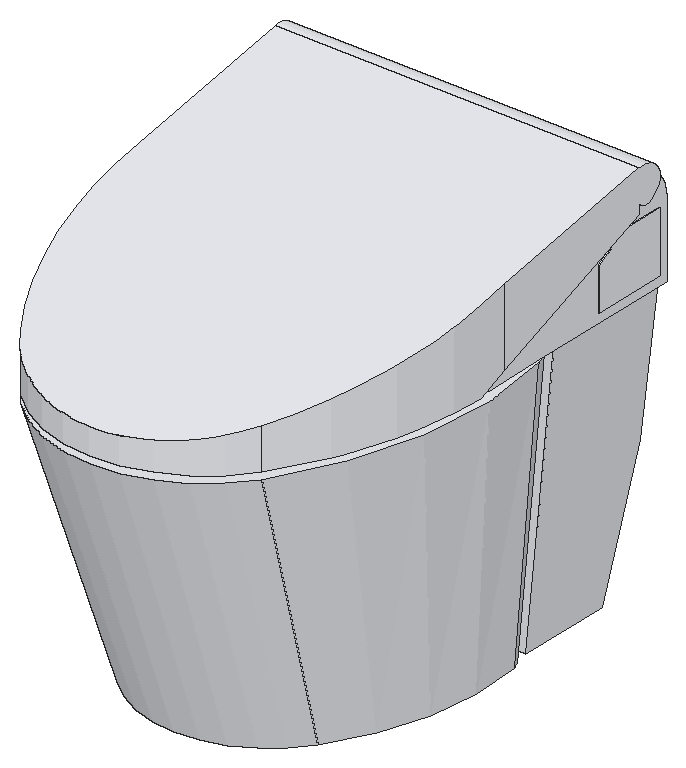
Revit family "Toilet-Elongated_Contemporary_Neorest", category Plumbing Fixtures, host Face, Revit 2013
Parameters (values of type "MS980CMG")
  ecoScorecard_data = "http://products.ecoscorecard.com/toto/MS980CMG"
  ecoScorecard Product Page = "http://products.ecoscorecard.com/toto/MS980CMG?action=html"
  Width = 15 5/16"  # constant formula
  WaterSense = no
  Waste Connection Wall Offset = 12"
  Waste Connection Radius = 2"
  Waste Connection NPT Radius = 1 7/32"  # constant formula
  Waste Connection = yes
  Warranty URL = "http://www.totousa.com/Support/WarrantyInformation.aspx"
  Warranty = "Three year Limited (Residential), One Year Limited (Commercial)"  # constant formula
  WFU = 0
  Voltage = 120 V
  Vent Connection = yes
  URL = "http://www.totousa.com"
  Toto BIM Number = "BM-00298"  # constant formula
  Supply Connection Offset from Center = 5 63/64"
  Supply Connection Height Offset = 5 63/64"
  Subcategory = "Toilets"  # constant formula
  Style = "Contemporary"  # constant formula
  Spec Sheet URL = "http://www.totousa.com/Portals/0/ProductDownloads/SS-00163_MS980CMG.pdf"
  Shipping Weight = 112.00 lbf
  Series = "Neorest"  # constant formula
  Seat Material = "Plastic"  # constant formula
  Seat Finish = Plastic - TOTO - 01 Cotton
  SanoGloss Available = yes
  Rough in Distance = 12"  # constant formula
  Rough in Availability = "12”"  # constant formula
  Product Page URL = "http://www.totousa.com/ProductDetail.aspx?ProductID=411"
  Parts Manual URL = "http://www.totousa.com/Portals/0/ProductDownloads/PD-00186_MS980CMG.pdf"
  Owners Manual URL = "http://www.totousa.com/Portals/0/ProductDownloads/0GU9169_NEOREST_550_EN_OM.pdf"
  Number of Poles = 1
  Mount Type = "Floor-Mounted"  # constant formula
  Model = "MS980CMG"  # constant formula
  Manufacturer Phone - Toll Free = "1-888-295-8134"  # constant formula
  Manufacturer Phone = "(770) 282-8686 "  # constant formula
  Manufacturer Fax = "(770) 282-0002"  # constant formula
  Manufacturer Email = "mailto:custservice@totousa.com "
  Manufacturer Address = "1155 Southern Road, Morrow, Georgia 30260"  # constant formula
  Manufacturer = "TOTO USA, Inc."  # constant formula
  Lid [instance] = yes
  Length = 26 1/2"  # constant formula
  Installation URL = "http://www.totousa.com/Portals/0/ProductDownloads/H06939R_NEOREST_550_BOWL_UNIT_ENGLISH_IM.pdf"
  Industry Standards = "Meets and exceeds ASME A112.19.2/CSA B45.1"  # constant formula
  Height = 21 3/8"  # constant formula
  HWFU = 0
  HW Connection = no
  Gallons Per Flush = 1.6 gal
  Frequency = 60 Hz
  Flush System = "Cyclone Siphon Jet"  # constant formula
  Finish = Vitreous China - TOTO - 01 Cotton
  Dual Gallons Per Flush = "1.6 Gallons / 0.9 Gallons"  # constant formula
  Dual Flush = yes
  Description = "Neorest® 550 Dual Flush Toilet, 1.6 GPF with SanaGloss®"  # constant formula
  Default Elevation = 0"
  Cost Info = "mailto:custservice@totousa.com "
  Color Availability = "#01 Cotton, #03 Bone, #12 Sedona Beige"  # constant formula
  Cold Water Connection NPT Radius = 3/16"  # constant formula
  Code Compliance = "UPC, IPC, NSPC, NPC Canada, and others"  # constant formula
  Certifications = "IAPMO (cUPC), State of Massachusetts, City of Los Angeles, and others"  # constant formula
  CWFU = 0
  CW Connection = yes
  CAD Drawing URL = "http://www.totousa.com/Portals/0/ProductDownloads/AD-00171_MS980CMG.dxf"
  Bowl Material = "Vitreous China"  # constant formula
  Assembly Code = "D2010110"
  Apparent Power = 1281 W
  ADA Compliant = yes
  95 CSI = "15410-800 "  # constant formula
  04 CSI = "22 42 13"  # constant formula
Reference planes (in)
  plane 1 "Center (Front/Back)": y = 0.25
  plane 2: z = 0
  plane 3 "Center (Left/Right)": x = 0
  plane 4: z = 14.76166
  plane 5: z = 10.18291
  plane 6: x = -7.54687
  plane 7: x = 7.625
  plane 8: y = -11.875
  plane 9: y = 12.375
  plane 10: y = 7.46388
  plane 11: z = 21.89374
Forms (in)
  Blend 1, solid, material "Vitreous China - TOTO - 01 Cotton" <- "Finish"
    base sketch origin (-60, -180.25, 16.14173) x (-1, 0, 0) y (0, -1, 0)
      loop
        arc (-52.77013, -187.72099) -> (-51.51743, -187.28007) -> (-50.81707, -186.15173) r 2
        arc (-50.81707, -186.15173) -> (-50.69768, -178.4162) -> (-53.62356, -171.25436) r 19.31454
        arc (-53.62356, -171.25436) -> (-60.00488, -167.84527) -> (-66.38619, -171.25436) r 7.67697
        arc (-66.38619, -171.25436) -> (-69.30976, -178.41826) -> (-69.18158, -186.15468) r 19.28147
        arc (-69.18158, -186.15468) -> (-68.48069, -187.28102) -> (-67.22917, -187.72099) r 2
        line (-67.22917, -187.72099) -> (-52.77013, -187.72099)
    top sketch origin (-60, -180.25, 16.14173) x (-1, 0, 0) y (0, -1, 0)
      loop
        line (-65.78214, -187.71033) -> (-54.22761, -187.71033)
        arc (-54.22761, -187.71033) -> (-53.10958, -187.36864) -> (-52.37356, -186.46033) r 2
        arc (-52.37356, -186.46033) -> (-52.59861, -181.16342) -> (-54.69802, -176.29511) r 14.61871
        arc (-54.69802, -176.29511) -> (-60.01245, -173.45598) -> (-65.32688, -176.29511) r 6.39347
        arc (-65.32688, -176.29511) -> (-67.42243, -181.16397) -> (-67.63619, -186.46033) r 14.55999
        arc (-67.63619, -186.46033) -> (-66.90017, -187.36864) -> (-65.78214, -187.71033) r 2
    from -0.95423 to -16.14173
  Extrusion 2, solid, material "Vitreous China - TOTO - 01 Cotton" <- "Finish"
    sketch origin (0, 0, 0) x (0, 1, 0) y (0, 0, 1)
      loop
        line (7.46033, 0) -> (12.46033, 0)
        arc (12.46033, 0) -> (14.1063, 7.53786) -> (14.33287, 15.25) r 41.62666
        line (14.33287, 15.25) -> (7.46033, 15.25) -> (7.46033, 0)
    from -9.16753 to 9.0951
  Extrusion 3, void
    sketch origin (60, 14.74019, 48) x (1, 0, 0) y (0, 0, 1)
      loop
        line (-52.7593, -48) -> (-50.9049, -48) -> (-50.9049, -28.69541) -> (-52.7593, -48)
    from 0 to 7.27494
  Extrusion 4, void
    sketch origin (-60, 14.74019, 48) x (-1, 0, 0) y (0, 0, -1)
      loop
        line (-52.7593, 48) -> (-50.08247, 20.13378) -> (-50.08247, 48) -> (-52.7593, 48)
    from 0 to 7.27494
  Extrusion 5, solid, material "Vitreous China - TOTO - 01 Cotton" <- "Finish"
    sketch origin (0, 0, 0) x (0, 1, 0) y (0, 0, 1)
      loop
        line (14.49938, 15.1875) -> (14.49938, 19.25555)
        arc (14.49938, 19.25555) -> (14.22817, 20.20138) -> (13.49696, 20.85976) r 1.78485
        arc (13.49696, 20.85976) -> (13.45127, 20.88117) -> (13.413, 20.84827) r 0.04645
        arc (13.413, 20.84827) -> (13.0816, 20.25798) -> (12.52636, 19.87069) r 1.51657
        line (12.52636, 19.87069) -> (2.71563, 15.9069)
        arc (2.71563, 15.9069) -> (2.54007, 15.76473) -> (2.47401, 15.54868) r 0.38635
        line (2.47401, 15.54868) -> (2.47401, 15.5057)
        arc (2.47401, 15.5057) -> (2.56721, 15.2807) -> (2.79221, 15.1875) r 0.3182
        line (2.79221, 15.1875) -> (14.49938, 15.1875)
    from -8.67176 to 9.06725
  Extrusion 6, solid, material "Vitreous China - TOTO - 01 Cotton" <- "Finish"
    sketch origin (0, 0, 0) x (0, 1, 0) y (0, 0, 1)
      loop
        arc (13.23596, 21.41666) -> (12.68935, 21.82278) -> (12.00901, 21.85203) r 1.1596
        arc (12.00901, 21.85203) -> (11.65221, 20.66246) -> (12.655, 19.92979) r 1.07535
        arc (12.655, 19.92979) -> (13.02533, 20.19919) -> (13.29836, 20.56685) r 1.51657
        arc (13.29836, 20.56685) -> (13.38946, 21.00073) -> (13.23596, 21.41666) r 0.80144
    from -9.66753 to 9.5951
  Extrusion 7, solid, material "Vitreous China - TOTO - 01 Cotton" <- "Finish"
    sketch origin (-60, -180, 16.14173) x (-1, 0, 0) y (0, -1, 0)
      loop
        spline (-54.00766, -173.83573) -> (-53.9212, -173.73359) -> (-53.87971, -173.58259) -> (-53.88604, -173.39302) -> (-53.93974, -173.17779) -> (-54.03716, -172.95157) -> (-54.17166, -172.72979) -> (-54.33407, -172.52755) -> (-54.51332, -172.35864) -> (-54.6972, -172.23456) -> (-54.87318, -172.16378) -> (-55.02926, -172.15111) -> (-55.15481, -172.19743)
        spline (-55.15481, -172.19743) -> (-55.24127, -172.29956) -> (-55.28275, -172.45056) -> (-55.27643, -172.64014) -> (-55.22273, -172.85537) -> (-55.12531, -173.08158) -> (-54.99081, -173.30337) -> (-54.8284, -173.50561) -> (-54.64915, -173.67452) -> (-54.46527, -173.79859) -> (-54.28929, -173.86938) -> (-54.13321, -173.88204) -> (-54.00766, -173.83573)
      loop
        spline (-65.99234, -173.83573) -> (-65.86679, -173.88204) -> (-65.71071, -173.86938) -> (-65.53473, -173.79859) -> (-65.35085, -173.67452) -> (-65.1716, -173.50561) -> (-65.00919, -173.30337) -> (-64.87469, -173.08158) -> (-64.77727, -172.85537) -> (-64.72357, -172.64014) -> (-64.71725, -172.45056) -> (-64.75873, -172.29956) -> (-64.84519, -172.19743)
        spline (-64.84519, -172.19743) -> (-64.97074, -172.15111) -> (-65.12682, -172.16378) -> (-65.3028, -172.23456) -> (-65.48668, -172.35864) -> (-65.66593, -172.52755) -> (-65.82834, -172.72979) -> (-65.96284, -172.95157) -> (-66.06026, -173.17779) -> (-66.11396, -173.39302) -> (-66.12029, -173.58259) -> (-66.0788, -173.73359) -> (-65.99234, -173.83573)
      loop
        spline (-52.60889, -180.00568) -> (-52.76908, -180.03605) -> (-52.91836, -180.1251) -> (-53.04654, -180.26674) -> (-53.14491, -180.45133) -> (-53.20674, -180.6663) -> (-53.22783, -180.89698) -> (-53.20674, -181.12767) -> (-53.14491, -181.34264) -> (-53.04654, -181.52723) -> (-52.91836, -181.66887) -> (-52.76908, -181.75792) -> (-52.60889, -181.78829)
        spline (-52.60889, -181.78829) -> (-52.4487, -181.75792) -> (-52.29942, -181.66887) -> (-52.17124, -181.52723) -> (-52.07288, -181.34264) -> (-52.01105, -181.12767) -> (-51.98996, -180.89698) -> (-52.01105, -180.6663) -> (-52.07288, -180.45133) -> (-52.17124, -180.26674) -> (-52.29942, -180.1251) -> (-52.4487, -180.03605) -> (-52.60889, -180.00568)
      loop
        spline (-67.39111, -180.00568) -> (-67.5513, -180.03605) -> (-67.70058, -180.1251) -> (-67.82876, -180.26674) -> (-67.92712, -180.45133) -> (-67.98895, -180.6663) -> (-68.01004, -180.89698) -> (-67.98895, -181.12767) -> (-67.92712, -181.34264) -> (-67.82876, -181.52723) -> (-67.70058, -181.66887) -> (-67.5513, -181.75792) -> (-67.39111, -181.78829)
        spline (-67.39111, -181.78829) -> (-67.23092, -181.75792) -> (-67.08164, -181.66887) -> (-66.95346, -181.52723) -> (-66.85509, -181.34264) -> (-66.79326, -181.12767) -> (-66.77217, -180.89698) -> (-66.79326, -180.6663) -> (-66.85509, -180.45133) -> (-66.95346, -180.26674) -> (-67.08164, -180.1251) -> (-67.23092, -180.03605) -> (-67.39111, -180.00568)
    from -1.24413 to -0.54851
  Extrusion 8, solid, material "Vitreous China - TOTO - 01 Cotton" <- "Finish"
    sketch origin (9.06725, 0, 0) x (0, 1, 0) y (0, 0, 1)
      loop
        line (11.46632, 18.99294) -> (9.95848, 17.97589) -> (9.95848, 15.74294) -> (13.95848, 15.74294) -> (13.95848, 18.99294) -> (11.46632, 18.99294)
    from 0 to 0.07561
  Extrusion 9, solid, material "Vitreous China - TOTO - 01 Cotton" <- "Finish"
    sketch origin (0, 0, 0) x (0, 1, 0) y (0, 0, 1)
      loop
        line (-12.40473, 16.95792) -> (-12.40473, 15.56031) -> (1.49191, 15.56031) -> (12.655, 19.92979)
        arc (12.655, 19.92979) -> (11.6415, 20.69616) -> (12.06611, 21.89374) r 1.07535
        arc (12.06611, 21.89374) -> (-0.2087, 19.62109) -> (-12.40473, 16.95792) r 391.16777
    from -10.47421 to 11.24779
  Extrusion 10, void
    sketch origin (0, 0, 0) x (1, 0, 0) y (0, 1, 0)
      loop
        line (-9.66753, 12.00901) -> (-9.66753, 3.04412)
        arc (-9.66753, 3.04412) -> (-9.00165, -3.24356) -> (-6.37644, -8.99564) r 19.68177
        arc (-6.37644, -8.99564) -> (0.00488, -12.40473) -> (6.38619, -8.99564) r 7.67697
        arc (6.38619, -8.99564) -> (8.98998, -3.24211) -> (9.5951, 3.04412) r 19.28147
        line (9.5951, 3.04412) -> (9.5951, 12.00901) -> (-9.66753, 12.00901)
      loop
        line (-12.90966, -17.27885) -> (14.71495, -17.27885) -> (14.71495, 20.38823) -> (-12.90966, 20.38823) -> (-12.90966, -17.27885)
    from 10.74564 to 23.47659
Cuts and joins
  Extrusion 4 cuts Blend 1
  Extrusion 3, Extrusion 4 cuts Extrusion 2
  Extrusion 10 cuts Extrusion 7
  Extrusion 10 cuts Extrusion 9
  joined: Blend 1, Extrusion 2, Extrusion 5, Extrusion 6, Extrusion 7, Extrusion 8, Extrusion 9
Lines and regions (in)
  Masking region 1
    outline origin (-60, -180, 16.14173) x (-1, 0, 0) y (0, -1, 0)
      loop
        line (-69.5951, -180.31784) -> (-69.5951, -193.39161) -> (-69.14286, -193.39161) -> (-69.14286, -193.95848) -> (-69.06725, -193.95848) -> (-69.06725, -194.49938) -> (-51.32824, -194.49938) -> (-51.32824, -193.39161) -> (-50.33247, -193.39161) -> (-50.33247, -180.31784)
        arc (-50.33247, -180.31784) -> (-50.67253, -176.65368) -> (-51.73019, -173.12904) r 18.5237
        arc (-51.73019, -173.12904) -> (-59.96379, -167.88157) -> (-68.19738, -173.12904) r 9.08324
        arc (-68.19738, -173.12904) -> (-69.25504, -176.65368) -> (-69.5951, -180.31784) r 18.5237
      loop
        line (-50.37617, -192.01944) -> (-50.37617, -191.98871) -> (-69.57027, -191.98871) -> (-69.57027, -192.01944) -> (-50.37617, -192.01944)
Dimensions and locks (in)
  plane 7 to plane 6 = 15 11/64"
  aligned and locked: plane 2 to host face
  aligned and locked: level to host face
  aligned and locked: Extrusion 8 to Extrusion 5
